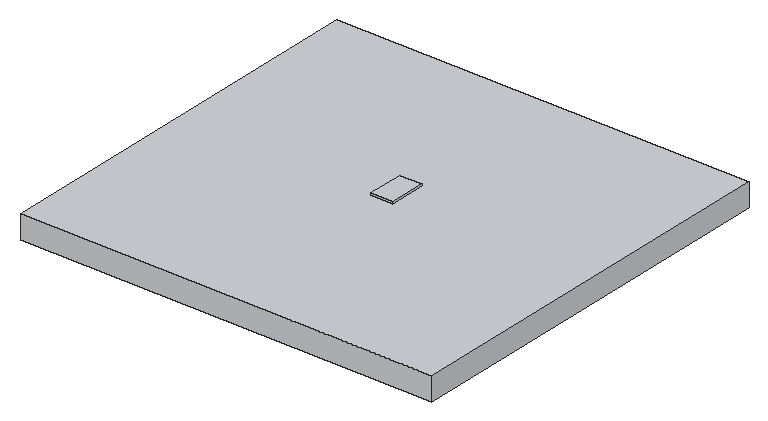
Revit family "dda394cb4cab4155b94a5f0ab3194ea6", category Electrical Fixtures, host Face, Revit 2021
Family settings
  Host = Face
  Maintain Annotation Orientation = Yes
  Round Connector Dimension = Use Diameter
  Part Type = Normal
  OmniClass Number = 23.80.50.11.17
  OmniClass Title = Ground Fault Receptacles
  Seek Item ID = Simplex Receptacle-0000-USA-ENU
  Cut with Voids When Loaded = No
  Shared = No
  Room Calculation Point = No
Parameters (values of type "Standard")
  Switch Voltage = 120 V
  Load Classification = Receptacle
  Load = 180 VA
  Default Elevation = 1' - 6"
  Assembly Code = ""
Reference planes (in)
  plane 1 "Center (Front/Back)": y = 0
  plane 2: z = 0
  plane 3 "Center (Left/Right)": x = 0
  plane 4: x = -1.375
  plane 5: x = 1.375
  plane 6: x = -0.75
  plane 7: x = 0.75
  plane 8: y = 2.25
  plane 9: y = -2.25
  plane 10: y = 1.5
  plane 11: y = -1.5
  plane 12 "level above": z = 0.1875
  plane 13 "level below": z = -2.125
Forms (in)
  Extrusion 1, solid
    sketch origin (0, 0, 0) x (1, 0, 0) y (0, 1, 0)
      loop
        line (-25.375, 22.5) -> (-25.375, -26.25) -> (25.375, -26.25) -> (25.375, 22.5) -> (-25.375, 22.5)
    from 0 to -2.86111
  Extrusion 2, solid
    sketch origin (0, 0, 0) x (1, 0, 0) y (0, 1, 0)
      loop
        line (-1.375, 2.25) -> (-1.375, -2.25) -> (1.375, -2.25) -> (1.375, 2.25) -> (-1.375, 2.25)
    from 0 to 0.1875
  Extrusion 3, solid
    sketch origin (0, 0, 0) x (1, 0, 0) y (0, 1, 0)
      loop
        line (-0.75, 1.5) -> (-0.75, -1.5) -> (0.75, -1.5) -> (0.75, 1.5) -> (-0.75, 1.5)
    from 0 to -2.125
Lines and regions (in)
  symbolic lines, detail levels fine
    curve 1: line (1.375, 0, 0) -> (-1.375, 0, 0)
    curve 2: line (1.375, 0, 0.1875) -> (1.375, 0, 0)
    curve 3: line (-1.375, 0, 0.1875) -> (1.375, 0, 0.1875)
    curve 4: line (-1.375, 0, 0) -> (-1.375, 0, 0.1875)
    curve 5: line (0.75, 0, -2.125) -> (-0.75, 0, -2.125)
    curve 6: line (0.75, 0, 0) -> (0.75, 0, -2.125)
    curve 7: line (-0.75, 0, -2.125) -> (-0.75, 0, 0)
Dimensions and locks (in)
  equal spacing: plane 6, plane 3 "Center (Left/Right)", plane 7, locked at 0.75 each
  locked: plane 6 to plane 7 at 1.5
  equal spacing: plane 4, plane 3 "Center (Left/Right)", plane 5, locked at 1.375 each
  locked: plane 4 to plane 5 at 2.75
  locked: plane 8 to plane 9 at 4.5
  locked: plane 12 "level above" to level at 0.1875
  locked: level to plane 13 "level below" at 2.125
  locked: plane 10 to plane 11 at 3
  equal spacing: plane 10, plane 1 "Center (Front/Back)", plane 11, locked at 1.5 each
  equal spacing: plane 8, plane 1 "Center (Front/Back)", plane 9, locked at 2.25 each
  aligned and locked: plane 2 to Extrusion 1
  aligned and locked: level to Extrusion 1
  aligned and locked: plane 8 to Extrusion 2
  aligned and locked: Extrusion 2 to plane 9
  aligned and locked: plane 5 to Extrusion 2
  aligned and locked: Extrusion 2 to plane 4
  aligned and locked: Extrusion 2 to level
  aligned and locked: plane 12 "level above" to Extrusion 2
  aligned and locked: plane 10 to Extrusion 3
  aligned and locked: Extrusion 3 to plane 6
  aligned and locked: plane 7 to Extrusion 3
  aligned and locked: Extrusion 3 to plane 11
  aligned and locked: Extrusion 3 to level
  aligned and locked: Extrusion 3 to plane 13 "level below"
  aligned and locked: curve 4 to plane 4
  aligned and locked: plane 5 to curve 2
  aligned and locked: curve 3 to plane 12 "level above"
  aligned and locked: plane 2 to curve 1
  aligned and locked: curve 7 to plane 6
  aligned and locked: plane 7 to curve 6
  aligned and locked: plane 13 "level below" to curve 5
  aligned and locked: plane 1 "Center (Front/Back)" to nested 1
  aligned and locked: plane 3 "Center (Left/Right)" to nested 1
Automatic sketch dimensions
  Extrusion 2 sketch curve to plane 4 = 0' - 0"
  Extrusion 2 sketch curve to plane 5 = 0' - 0"
  Extrusion 2 sketch curve to plane 9 = 0' - 0"
  Extrusion 2 sketch curve to plane 8 = 0' - 0"
  Extrusion 3 sketch curve to plane 6 = 0' - 0"
  Extrusion 3 sketch curve to plane 7 = 0' - 0"
  Extrusion 3 sketch curve to plane 11 = 0' - 0"
  Extrusion 3 sketch curve to plane 10 = 0' - 0"
  Extrusion 1 sketch curve to Extrusion 1 sketch curve = 4' - 2 3/4"
  Extrusion 1 sketch curve to Extrusion 1 sketch curve = 4' - 0 3/4"
Nested families (in)
  nested 1: "Simplex Receptacle Annotation" at (0, 0, 0), type "Simplex Receptacle Annotation", detail levels coarse+medium
Connectors (in)
  electrical at (0, 1.5, -1.0625), driven by "Switch Voltage", driven by "Load", driven by "Load Classification"
    settings: on Extrusion 3, index 1, voltage 120 V, apparent load 0 VA, apparent load phase1 180 VA, apparent load phase2 0 VA, apparent load phase3 0 VA, power factor 1, load classification "Receptacle", number of poles 1, system type 31, power factor state 1, is connector primary yes, connector utility no, sub classification motor no, connector description ""
Definition of nested family "Simplex Receptacle Annotation"
  Parameters
    Label Annotation = ""
  Reference planes (in)
    plane 1: y = 0
    plane 2: x = 0
  Lines and regions (in)
    reference lines
      curve 1: line (-0.56423, 0.125, 0) -> (0.61164, 0.125, 0)
    detail lines
      curve 2: circle (0, 0.125, 0) r 0.0625 normal (0, 0, 1)
      curve 3: line (0, 0.1875, 0) -> (0, 0, 0)
  Dimensions and locks (in)
    locked: plane 1 to curve 1 at 0.125
    radius of curve 2 = 0' - 0 1/16"
    aligned and locked: curve 1 to curve 2
    aligned and locked: plane 2 to curve 2
    aligned and locked: plane 1 to curve 3
    aligned and locked: curve 3 to plane 2
